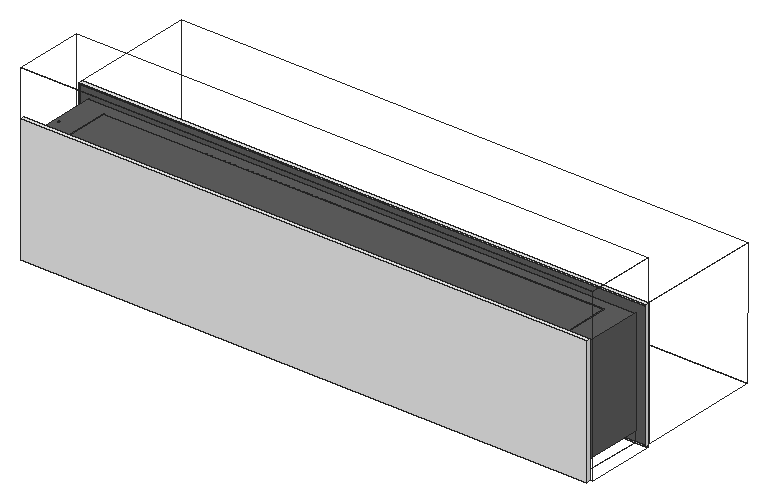
Revit family "AIRTECNICS_AIR CURTAIN_ZEN_AIR ONLY (A)123", category Mechanical Equipment, Revit 2016
Family settings
  Part Type = Normal
  Round Connector Dimension = Use Diameter
  OmniClass Number = 23.75.70.21.17
  OmniClass Title = Air Curtains
  Work Plane-Based = No
  Always vertical = Yes
  Cut with Voids When Loaded = No
  Shared = No
  Room Calculation Point = No
Parameters (values of type "ZEN ECG 2000 A")
  · POSITION · [instance] = "-/ Select Curtain Position /-"  # constant formula
  · OTHERS · [instance] = "-/ Select Supports - Inst.Maint. Space /-"  # constant formula
  · HEATING · [instance] = "-/ Select Heating /-"  # constant formula
  Weight [instance] = size_lookup(Name_Lookup_Data, "Weight", 1.00 kg, COD)  # 80.00 kg
  Voltage [instance] = 230 V  # constant formula
  Vertical Right [instance] = no
  Vertical Left [instance] = no
  URL_Manufacturer = "https://www.airtecnics.com/"
  URL_Datasheet = "https://www.airtecnics.com/download/file/1959/zen.pdf"
  Supports Length [instance] = 0.0 mm
  Supports (Horizontal) [instance] = if(and(Horizontal, Supports Length > 0.0 mm), 1 = 1, 1 = 0)  # no
  Revit Version = "Revit 2016 - English"  # constant formula
  Review Date = "10/2018"  # constant formula
  Remote Control = "IR-AIR"  # constant formula
  URL = "https://www.airtecnics.com/products/air-curtain-zen"
  Product Size = if(L = 1000.0 mm, "1000", if(L = 1500.0 mm, "1500", if(L = 2000.0 mm, "2000", "2500")))  # "2000"
  Product Reference [instance] = size_lookup(Name_Lookup_Ref, "", "Consult Manufacturer", COD)  # "ZEN ECG 2000 A"
  Product Heating [instance] = "Air"  # constant formula
  Product Description [instance] = size_lookup(Name_Lookup_Data, "", "", COD)  # "Self-supporting casing construction made of galvanized steel plate, finished in structural epoxy-polyester painting white colour RAL9016 as standard. Other colours or stainless steel are available on request. \r\nMicro-perforated inlet grille with filter functions and easy service. It does not need prefilter.\r\nAnodized aluminium outlet vanes, airfoil shaped, adjustable from 0 to 15º each side.\r\nDouble-inlet centrifugal fans driven by an external rotor motor and low noise level. 5-speed selector. EC models assembled with very low consumption efficiency fans. \r\n“A” type without heating, air only. \r\nIncludes Plug&Play control with 7m RJ45 cable and infrared remote control. Optional: Clever control (programmable, automatic, intelligent, energy saving, Modbus RTU for BMS…)\r\nAir Volume: 5400 m3/h \r\nFans:  0,45 kW  3,9 A 230Vx1 50Hz\r\nDimensions: 475x260x2000 mm (depth, height, length)"
  Power Fans Factor [instance] = (Power Fans) / (Voltage * Current Fans)  # 0.4979
  Power Fans [instance] = size_lookup(Name_Lookup_Data, "Power Fans", 1 kW, COD)  # 0.426 kW
  Noise Level (dB(A)) [instance] = size_lookup(Name_Lookup_Data, "Noise Level (dB(A))", 1, COD)  # 63
  Name_Lookup_Ref = "ZEN_(A)_Ref_Lookup"  # constant formula
  Name_Lookup_Data = "ZEN_(A)_Data_Lookup"  # constant formula
  Model = "Air Curtain ZEN A"  # constant formula
  Material Panels [instance] = AIRTECNICS_Alumium Anodized
  Material Grille = AIRTECNICS_Perforated_Black Forge
  Material Curtain [instance] = AIRTECNICS_Black Forge
  M = no
  Length = if(L = 1000.0 mm, 1220.0 mm, if(L = 1500.0 mm, 1620.0 mm, if(L = 2000.0 mm, 2120.0 mm, 2620.0 mm)))  # 2120.0 mm
  Height = 473.0 mm  # constant formula
  G = yes
  Frequency = 50 Hz  # constant formula
  Fans Stage = 5  # constant formula
  Family Version = "2.0"  # constant formula
  EC = yes
  Depth = 291.0 mm  # constant formula
  Current Fans [instance] = size_lookup(Name_Lookup_Data, "Current Fans", 1 A, COD)  # 3.72 A
  Created by = "BIMETRICAL"  # constant formula
  Control [instance] = "CA-5AW-IR"  # constant formula
  Cable = "CB7"  # constant formula
  COD [instance] = if(M, 1, 0) + if(and(G, not(EC)), 2, 0) + if(and(EC, G), 4, 0) + if(L = 1000.0 mm, 10, 0) + if(L = 1500.0 mm, 20, 0) + if(L = 2000.0 mm, 40, 0) + if(L = 2500.0 mm, 80, 0) + if(A, 100, 0)  # 144
  Aspiration/Maintenance Space [instance] = yes
  Apparent Load [instance] = size_lookup(Name_Lookup_Data, "Apparent Load", 1000 VA, COD)  # 852 VA
  Airflow [instance] = size_lookup(Name_Lookup_Data, "Airflow", 1 m³/h, COD)  # 5400 m³/h
  B [instance] = if(Horizontal, 236.5 mm, 0.0 mm)  # 236.5 mm
  L = 2000.0 mm
  Type Image = <None>
  IfcExportType = "CENTRIFUGALFORWARDCURVED"  # constant formula
  IfcExportAs = "IfcFanType"  # constant formula
  Horizontal [instance] = if(or(Vertical Left, Vertical Right), 1 = 0, 1 = 1)  # yes
  Manufacturer = "AIRTECNICS"  # constant formula
  Description = ""
  Type Comments = "Decorative air curtain in contemporary architectural style. Its minimalist and smart design integrates in any environment and offers infinite options to customize.\r\nThe panels can include logos, lighting, signage, safety or information signs, graphics, pictures, clocks, all according to customer specifications.\r\nFront anodized aluminium panels. Optionally manufactured in brushed or mirror polished stainless steel. Other materials are possible, such as galvanized steel, smooth or texturated skinplate, wood, etc.\r\nCentral structure made of galvanized steel finished in black forge as standard. Other colours are available on request.\r\nAnodized aluminium outlet vanes, airfoil shaped, adjustable in both directions.\r\nDouble-inlet centrifugal fans driven by an external rotor motor and low noise level. 5-speed selector. EC models assembled with very low consumption efficiency fans.\r\n“P” type with water heated coil. “E” type with electrical shielded elements, three stages with integrated regulation. “A” type without heating, air only. Optional expansion DX coil.\r\nIncludes Plug&Play control with 7m RJ45 cable and infrared remote control. Optional: Clever control (programmable, automatic, intelligent, energy saving, Modbus RTU for BMS…)"  # constant formula
  BIMETRICAL Category = "Fan"  # constant formula
  BIMETRICAL = "http://www.bimetrical.com"  # constant formula
  Angle [instance] = if(Horizontal, 0.00°, 90.00°)  # 0.00°
  A [instance] = 1 = 1  # yes
Types (12, lengths in mm): name | Weight | Product Size | Product Reference | Product Description | Power Fans Factor | Power Fans | Noise Level (dB(A)) | M | Length | G | EC | Current Fans | COD | Apparent Load | Airflow | L
  ZEN M 1000 A | 31.00 kg | "1000" | "ZEN M 1000 A" | "Self-supporting casing construction made of galvanized steel plate, finished in structural epoxy-polyester painting white colour RAL9016 as standard. Other colours or stainless steel are available on request. \r\nMicro-perforated inlet grille with filter functions and easy service. It does not need prefilter.\r\nAnodized aluminium outlet vanes, airfoil shaped, adjustable from 0 to 15º each side.\r\nDouble-inlet centrifugal fans driven by an external rotor motor and low noise level. 5-speed selector. \r\n“A” type without heating, air only. \r\nIncludes Plug&Play control with 7m RJ45 cable and infrared remote control. Optional: Clever control (programmable, automatic, intelligent, energy saving, Modbus RTU for BMS…)\r\nAir Volume: 1800 m3/h \r\nFans:  0,212 kW  0,94 A 230Vx1 50Hz\r\nDimensions: 475x260x1000 mm (depth, height, length)" | 0.98057 | 0.212 kW | 55 | yes | 1220.0 | no | no | 0.94 A | 111 | 216 VA | 1800 m³/h | 1000.0
  ZEN M 1500 A | 46.00 kg | "1500" | "ZEN M 1500 A" | "Self-supporting casing construction made of galvanized steel plate, finished in structural epoxy-polyester painting white colour RAL9016 as standard. Other colours or stainless steel are available on request. \r\nMicro-perforated inlet grille with filter functions and easy service. It does not need prefilter.\r\nAnodized aluminium outlet vanes, airfoil shaped, adjustable from 0 to 15º each side.\r\nDouble-inlet centrifugal fans driven by an external rotor motor and low noise level. 5-speed selector. \r\n“A” type without heating, air only. \r\nIncludes Plug&Play control with 7m RJ45 cable and infrared remote control. Optional: Clever control (programmable, automatic, intelligent, energy saving, Modbus RTU for BMS…)\r\nAir Volume: 2700 m3/h \r\nFans:  0,318 kW  1,41 A 230Vx1 50Hz\r\nDimensions: 475x260x1500 mm (depth, height, length)" | 0.98057 | 0.318 kW | 56 | yes | 1620.0 | no | no | 1.41 A | 121 | 324 VA | 2700 m³/h | 1500.0
  ZEN M 2000 A | 58.00 kg | "2000" | "ZEN M 2000 A" | "Self-supporting casing construction made of galvanized steel plate, finished in structural epoxy-polyester painting white colour RAL9016 as standard. Other colours or stainless steel are available on request. \r\nMicro-perforated inlet grille with filter functions and easy service. It does not need prefilter.\r\nAnodized aluminium outlet vanes, airfoil shaped, adjustable from 0 to 15º each side.\r\nDouble-inlet centrifugal fans driven by an external rotor motor and low noise level. 5-speed selector. \r\n“A” type without heating, air only. \r\nIncludes Plug&Play control with 7m RJ45 cable and infrared remote control. Optional: Clever control (programmable, automatic, intelligent, energy saving, Modbus RTU for BMS…)\r\nAir Volume: 3600 m3/h \r\nFans:  0,424 kW  1,88 A 230Vx1 50Hz\r\nDimensions: 475x260x2000 mm (depth, height, length)" | 0.98057 | 0.424 kW | 57 | yes | 2120.0 | no | no | 1.88 A | 141 | 433 VA | 3600 m³/h | 2000.0
  ZEN M 2500 A | 72.00 kg | "2500" | "ZEN M 2500 A" | "Self-supporting casing construction made of galvanized steel plate, finished in structural epoxy-polyester painting white colour RAL9016 as standard. Other colours or stainless steel are available on request. \r\nMicro-perforated inlet grille with filter functions and easy service. It does not need prefilter.\r\nAnodized aluminium outlet vanes, airfoil shaped, adjustable from 0 to 15º each side.\r\nDouble-inlet centrifugal fans driven by an external rotor motor and low noise level. 5-speed selector. \r\n“A” type without heating, air only. \r\nIncludes Plug&Play control with 7m RJ45 cable and infrared remote control. Optional: Clever control (programmable, automatic, intelligent, energy saving, Modbus RTU for BMS…)\r\nAir Volume: 4500 m3/h \r\nFans:  0,53 kW  2,35 A 230Vx1 50Hz\r\nDimensions: 475x260x2500 mm (depth, height, length)" | 0.98057 | 0.53 kW | 58 | yes | 2620.0 | no | no | 2.35 A | 181 | 541 VA | 4500 m³/h | 2500.0
  ZEN G 1000 A | 43.00 kg | "1000" | "ZEN G 1000 A" | "Self-supporting casing construction made of galvanized steel plate, finished in structural epoxy-polyester painting white colour RAL9016 as standard. Other colours or stainless steel are available on request. \r\nMicro-perforated inlet grille with filter functions and easy service. It does not need prefilter.\r\nAnodized aluminium outlet vanes, airfoil shaped, adjustable from 0 to 15º each side.\r\nDouble-inlet centrifugal fans driven by an external rotor motor and low noise level. 5-speed selector. \r\n“A” type without heating, air only. \r\nIncludes Plug&Play control with 7m RJ45 cable and infrared remote control. Optional: Clever control (programmable, automatic, intelligent, energy saving, Modbus RTU for BMS…)\r\nAir Volume: 2400 m3/h \r\nFans:  0,642 kW  2,85 A 230Vx1 50Hz\r\nDimensions: 475x260x1000 mm (depth, height, length)" | 0.97941 | 0.642 kW | 57 | no | 1220.0 | yes | no | 2.85 A | 112 | 655 VA | 2400 m³/h | 1000.0
  ZEN G 1500 A | 51.00 kg | "1500" | "ZEN G 1500 A" | "Self-supporting casing construction made of galvanized steel plate, finished in structural epoxy-polyester painting white colour RAL9016 as standard. Other colours or stainless steel are available on request. \r\nMicro-perforated inlet grille with filter functions and easy service. It does not need prefilter.\r\nAnodized aluminium outlet vanes, airfoil shaped, adjustable from 0 to 15º each side.\r\nDouble-inlet centrifugal fans driven by an external rotor motor and low noise level. 5-speed selector. \r\n“A” type without heating, air only. \r\nIncludes Plug&Play control with 7m RJ45 cable and infrared remote control. Optional: Clever control (programmable, automatic, intelligent, energy saving, Modbus RTU for BMS…)\r\nAir Volume: 3200 m3/h \r\nFans:  0,856 kW  3,8 A 230Vx1 50Hz\r\nDimensions: 475x260x1500 mm (depth, height, length)" | 0.97941 | 0.856 kW | 58 | no | 1620.0 | yes | no | 3.8 A | 122 | 873 VA | 3200 m³/h | 1500.0
  ZEN G 2000 A | 80.00 kg | "2000" | "ZEN G 2000 A" | "Self-supporting casing construction made of galvanized steel plate, finished in structural epoxy-polyester painting white colour RAL9016 as standard. Other colours or stainless steel are available on request. \r\nMicro-perforated inlet grille with filter functions and easy service. It does not need prefilter.\r\nAnodized aluminium outlet vanes, airfoil shaped, adjustable from 0 to 15º each side.\r\nDouble-inlet centrifugal fans driven by an external rotor motor and low noise level. 5-speed selector. \r\n“A” type without heating, air only. \r\nIncludes Plug&Play control with 7m RJ45 cable and infrared remote control. Optional: Clever control (programmable, automatic, intelligent, energy saving, Modbus RTU for BMS…)\r\nAir Volume: 4800 m3/h \r\nFans:  1,284 kW  5,7 A 230Vx1 50Hz\r\nDimensions: 475x260x2000 mm (depth, height, length)" | 0.97941 | 1.284 kW | 59 | no | 2120.0 | yes | no | 5.7 A | 142 | 1310 VA | 4800 m³/h | 2000.0
  ZEN G 2500 A | 84.00 kg | "2500" | "ZEN G 2500 A" | "Self-supporting casing construction made of galvanized steel plate, finished in structural epoxy-polyester painting white colour RAL9016 as standard. Other colours or stainless steel are available on request. \r\nMicro-perforated inlet grille with filter functions and easy service. It does not need prefilter.\r\nAnodized aluminium outlet vanes, airfoil shaped, adjustable from 0 to 15º each side.\r\nDouble-inlet centrifugal fans driven by an external rotor motor and low noise level. 5-speed selector. \r\n“A” type without heating, air only. \r\nIncludes Plug&Play control with 7m RJ45 cable and infrared remote control. Optional: Clever control (programmable, automatic, intelligent, energy saving, Modbus RTU for BMS…)\r\nAir Volume: 5600 m3/h \r\nFans:  1,498 kW  6,65 A 230Vx1 50Hz\r\nDimensions: 475x260x2500 mm (depth, height, length)" | 0.97941 | 1.498 kW | 60 | no | 2620.0 | yes | no | 6.65 A | 182 | 1529 VA | 5600 m³/h | 2500.0
  ZEN ECG 1000 A | 43.00 kg | "1000" | "ZEN ECG 1000 A" | "Self-supporting casing construction made of galvanized steel plate, finished in structural epoxy-polyester painting white colour RAL9016 as standard. Other colours or stainless steel are available on request. \r\nMicro-perforated inlet grille with filter functions and easy service. It does not need prefilter.\r\nAnodized aluminium outlet vanes, airfoil shaped, adjustable from 0 to 15º each side.\r\nDouble-inlet centrifugal fans driven by an external rotor motor and low noise level. 5-speed selector. EC models assembled with very low consumption efficiency fans. \r\n“A” type without heating, air only. \r\nIncludes Plug&Play control with 7m RJ45 cable and infrared remote control. Optional: Clever control (programmable, automatic, intelligent, energy saving, Modbus RTU for BMS…)\r\nAir Volume: 2700 m3/h \r\nFans:  0,225 kW  1,95 A 230Vx1 50Hz\r\nDimensions: 475x260x1000 mm (depth, height, length)" | 0.4979 | 0.213 kW | 61 | no | 1220.0 | yes | yes | 1.86 A | 114 | 426 VA | 2700 m³/h | 1000.0
  ZEN ECG 1500 A | 51.00 kg | "1500" | "ZEN ECG 1500 A" | "Self-supporting casing construction made of galvanized steel plate, finished in structural epoxy-polyester painting white colour RAL9016 as standard. Other colours or stainless steel are available on request. \r\nMicro-perforated inlet grille with filter functions and easy service. It does not need prefilter.\r\nAnodized aluminium outlet vanes, airfoil shaped, adjustable from 0 to 15º each side.\r\nDouble-inlet centrifugal fans driven by an external rotor motor and low noise level. 5-speed selector. EC models assembled with very low consumption efficiency fans. \r\n“A” type without heating, air only. \r\nIncludes Plug&Play control with 7m RJ45 cable and infrared remote control. Optional: Clever control (programmable, automatic, intelligent, energy saving, Modbus RTU for BMS…)\r\nAir Volume: 3600 m3/h \r\nFans:  0,3 kW  2,6 A 230Vx1 50Hz\r\nDimensions: 475x260x1500 mm (depth, height, length)" | 0.4979 | 0.284 kW | 62 | no | 1620.0 | yes | yes | 2.48 A | 124 | 568 VA | 3600 m³/h | 1500.0
  ZEN ECG 2000 A | 80.00 kg | "2000" | "ZEN ECG 2000 A" | "Self-supporting casing construction made of galvanized steel plate, finished in structural epoxy-polyester painting white colour RAL9016 as standard. Other colours or stainless steel are available on request. \r\nMicro-perforated inlet grille with filter functions and easy service. It does not need prefilter.\r\nAnodized aluminium outlet vanes, airfoil shaped, adjustable from 0 to 15º each side.\r\nDouble-inlet centrifugal fans driven by an external rotor motor and low noise level. 5-speed selector. EC models assembled with very low consumption efficiency fans. \r\n“A” type without heating, air only. \r\nIncludes Plug&Play control with 7m RJ45 cable and infrared remote control. Optional: Clever control (programmable, automatic, intelligent, energy saving, Modbus RTU for BMS…)\r\nAir Volume: 5400 m3/h \r\nFans:  0,45 kW  3,9 A 230Vx1 50Hz\r\nDimensions: 475x260x2000 mm (depth, height, length)" | 0.4979 | 0.426 kW | 63 | no | 2120.0 | yes | yes | 3.72 A | 144 | 852 VA | 5400 m³/h | 2000.0
  ZEN ECG 2500 A | 84.00 kg | "2500" | "ZEN ECG 2500 A" | "Self-supporting casing construction made of galvanized steel plate, finished in structural epoxy-polyester painting white colour RAL9016 as standard. Other colours or stainless steel are available on request. \r\nMicro-perforated inlet grille with filter functions and easy service. It does not need prefilter.\r\nAnodized aluminium outlet vanes, airfoil shaped, adjustable from 0 to 15º each side.\r\nDouble-inlet centrifugal fans driven by an external rotor motor and low noise level. 5-speed selector. EC models assembled with very low consumption efficiency fans. \r\n“A” type without heating, air only. \r\nIncludes Plug&Play control with 7m RJ45 cable and infrared remote control. Optional: Clever control (programmable, automatic, intelligent, energy saving, Modbus RTU for BMS…)\r\nAir Volume: 6300 m3/h \r\nFans:  0,525 kW  4,55 A 230Vx1 50Hz\r\nDimensions: 475x260x2500 mm (depth, height, length)" | 0.4979 | 0.497 kW | 64 | no | 2620.0 | yes | yes | 4.34 A | 184 | 994 VA | 6300 m³/h | 2500.0
Reference planes
  plane 1 "Centro (Frontal/Posterior)": z = 0
  plane 2: y = 246.57
  plane 3 "Centro (Izquierda/Derecha)": x = 0
  plane 4 "Susp": z = 236.5
Lines and regions (mm)
  reference lines
    curve 1: line (0, 246.57, 236.5) -> (-145, 246.57, 236.5)
Dimensions and locks
  "B": plane 4 "Susp" to plane 1 "Centro (Frontal/Posterior)"
  locked: plane 2 to nested 1 at 145.5
  "Angle": angle plane 4 "Susp" to curve 1
  aligned and locked: plane 3 "Centro (Izquierda/Derecha)" to curve 1
  aligned and locked: plane 4 "Susp" to curve 1
Nested families
  nested 1: "GEOM_ZEN_(A-E)" at (0, 246.57, 236.5) x (0, 0, -1) z (1, 0, 0), type "GEOM_ZEN_(A-E)"
    with Z 0.0 mm, Vertical Right no, Vertical Left yes, Vertical no, G 1022.0 mm, Horizontal yes
Connectors
  electrical at (-1007.5, 215.07, 433), driven by "Power Fans Factor", driven by "Voltage", driven by "Apparent Load"
    settings: on nested 1, index 1, voltage 230 V, apparent load 852 VA, apparent load phase1 0 VA, apparent load phase2 0 VA, apparent load phase3 0 VA, power factor 0.4979, load classification "HVAC", number of poles 1, system type 30, power factor state 1, is connector primary yes, connector utility no, sub classification motor no, connector description ""
Definition of nested family "GEOM_ZEN_(A-E)"
  Parameters (values of type "GEOM_ZEN_(A-E)")
    des.D = if(or(and(Vertical Right, V1), Horizontal), 361.0 mm, 0.0 mm)  # 361.0 mm
    des.C = if(or(and(Vertical Right, V1), Horizontal), 0.0 mm, 392.0 mm)  # 0.0 mm
    des.B = if(or(and(Vertical Right, V1), Horizontal), 0.0 mm, 298.3 mm)  # 0.0 mm
    Z = if(Horizontal, 0.0 mm, if(L = 1000.0 mm, E / 2 + 18.0 mm, E / 2 + 20.0 mm))  # 1080.0 mm
    Vsup1 = if(and(Vsup, Horizontal, L_Sup > 0.0 mm), 1 = 1, 1 = 0)  # no
    Vsup = no
    Vs2 = if(L > 2000.0 mm, 1 = 1, 1 = 0)  # no
    Vs1 = if(L > 1000.0 mm, 1 = 1, 1 = 0)  # yes
    Vinst2 = if(or(Vinst1, not([Installation/Maintenance Space])), 1 = 0, 1 = 1)  # no
    Vinst1 = if(and([Installation/Maintenance Space], V1), 1 = 1, 1 = 0)  # yes
    Vertical Right = yes
    Vertical Left = if(Vertical Right, 1 = 0, 1 = 1)  # no
    Vertical = if(and(not(Horizontal), or(Vertical Right, Vertical Left)), 1 = 1, 1 = 0)  # yes
    V2 = if(Horizontal, 1 = 0, if(or(Horizontal, Vertical Left), 1 = 1, 1 = 0))  # no
    V1 = if(Horizontal, 1 = 1, if(and(Vertical Right, Vertical), 1 = 1, 1 = 0))  # yes
    Revit Version = "Revit 2016 - English"  # constant formula
    Review Date = "10/18"  # constant formula
    O = if(L = 1000.0 mm, 54.5 mm, 52.5 mm)  # 52.5 mm
    Model = "ZEN"  # constant formula
    Material Perforated = none
    Material Panels = none
    Material Curtain = none
    Family Version = "2.0"  # constant formula
    Manufacturer = "AIRTECNICS"  # constant formula
    M = if(L = 1000.0 mm, L + 162.5 mm, L + 66.5 mm)  # 2066.5 mm
    L_Sup = 0.0 mm
    K = if(L = 2500.0 mm, 833.0 mm, 0.0 mm)  # 0.0 mm
    J = if(L = 1500.0 mm, 764.0 mm, if(L = 2000.0 mm, 1014.0 mm, if(L = 2500.0 mm, 847.0 mm, 573.5 mm)))  # 1014.0 mm
    Installation/Maintenance Space = yes
    H = des.A + 51.0 mm  # 428.5 mm
    G = if(Vertical, I + 58.0 mm, F / 2 + 27.0 mm)  # 2102.0 mm
    L = 2000.0 mm
    des.A = if(or(and(Vertical Right, V1), Horizontal), 377.5 mm, 0.0 mm)  # 377.5 mm
    I = if(L = 1000.0 mm, L + 140.0 mm, L + 44.0 mm)  # 2044.0 mm
    Horizontal = no
    F = I - 54.0 mm  # 1990.0 mm
    E = if(L = 1000.0 mm, L + 220.0 mm, L + 120.0 mm)  # 2120.0 mm
    Default Elevation = 0.0 mm
    Created by = "BIMETRICAL"  # constant formula
    BIMETRICAL = "http://www.bimetrical.com/"  # constant formula
    A.Conn_S = if(or(and(Vertical Right, V1), Horizontal), 180.00°, 0.00°)  # 180.00°
    A.Conn_E = if(or(and(Vertical Right, V1), Horizontal), 180.00°, 0.00°)  # 180.00°
    A = if(L = 1000.0 mm, L + 115.0 mm, L + 15.0 mm)  # 2015.0 mm
  Reference planes
    plane 1 "Centro (Frontal/Posterior)": y = 0
    plane 2: z = 0
    plane 3 "Centro (Izquierda/Derecha)": x = 0
    plane 4: z = 1080
    plane 5: y = -73.25
    plane 6: x = -196.5
    plane 7: z = 2102
    plane 8: x = -196.5
    plane 9: y = -129.5
    plane 10: x = 181
    plane 11: x = 196.495
    plane 12: z = 2639.027
    plane 13: z = 20
    plane 14: z = 2139
    plane 15: z = 1088
    plane 16: z = 1088
    plane 17: z = 72.5
    plane 18: y = -31.5
  Forms (mm)
    Extrusion 1, solid, detail levels medium+fine
      sketch origin (0, 0, 0) x (1, 0, 0) y (0, 1, 0)
        loop
          line (-1219.2, 1219.2) -> (-1219.2, -1219.2) -> (1219.2, -1219.2) -> (1219.2, 1219.2) -> (-1219.2, 1219.2)
      from 0 to -304.8
    Extrusion 2, solid, material <- "Material Panels"
      sketch origin (0, 0, 889.252) x (0, -1, 0) y (1, 0, 0)
        loop
          line (-145.5, 236.5) -> (-145.5, -236.5) -> (-129.5, -236.5) -> (-129.5, 236.5) -> (-145.5, 236.5)
        loop
          line (145.5, 236.5) -> (129.5, 236.5) -> (129.5, -236.5) -> (145.5, -236.5) -> (145.5, 236.5)
      from -869.252 to 1250.748
    Extrusion 3, solid, material <- "Material Curtain"
      sketch origin (0, 0, 889.252) x (0, -1, 0) y (0, 0, 1)
        loop
          line (-129.5, 1212.748) -> (-129.5, -831.252) -> (129.5, -831.252) -> (129.5, 1212.748) -> (-129.5, 1212.748)
      from -196.5 to 196.5
    Extrusion 4, void
      sketch origin (-64.7, -73.5, 0) x (1, 0, 0) y (0, 1, 0)
        loop
          line (261.195, -34.75) -> (261.195, 35.25) -> (245.7, 35.25) -> (245.7, -34.75) -> (261.195, -34.75)
      from 85 to 2075
    Extrusion 5, solid, visible <- "V1", detail levels medium+fine
      sketch origin (0, 0, 1310) x (0, -1, 0) y (-1, 0, 0)
        loop
          line (58.464, -173.27) -> (61.756, -192)
          arc (61.756, -192) -> (63.451, -193.452) -> (65.121, -191.97) r 1.698
          line (65.121, -191.97) -> (68.095, -172.627)
          arc (68.095, -172.627) -> (62.951, -168.018) -> (58.464, -173.27) r 4.828
        loop
          line (78.553, -172.822) -> (81.504, -192.726)
          arc (81.504, -192.726) -> (83.138, -193.439) -> (84.08, -191.926) r 1.363
          line (84.08, -191.926) -> (87.529, -172.626)
          arc (87.529, -172.626) -> (82.938, -168.001) -> (78.553, -172.822) r 4.495
      from -765 to 1225
    Extrusion 6, solid, visible <- "V2", detail levels medium+fine
      sketch origin (0, 0, 1310) x (0, 1, 0) y (1, 0, 0)
        loop
          arc (-58.774, -173.603) -> (-62.891, -168.686) -> (-67.734, -172.889) r 4.495
          line (-67.734, -172.889) -> (-64.759, -192.231)
          arc (-64.759, -192.231) -> (-63.451, -193.452) -> (-62.062, -192.325) r 1.363
          line (-62.062, -192.325) -> (-58.774, -173.603)
        loop
          arc (-78.864, -173.494) -> (-83.098, -168.679) -> (-87.838, -172.998) r 4.495
          line (-87.838, -172.998) -> (-84.395, -192.262)
          arc (-84.395, -192.262) -> (-83.058, -193.451) -> (-81.696, -192.291) r 1.363
          line (-81.696, -192.291) -> (-78.864, -173.494)
      from -765 to 1225
    Extrusion 7, solid, material <- "Material Curtain", visible <- "Vertical"
      sketch origin (-779.074, -4572, 1549) x (-1, 0, 0) y (0, -1, 0)
        loop
          line (-586.574, -4698.5) -> (-586.574, -4445.5) -> (-971.574, -4445.5) -> (-971.574, -4698.5) -> (-586.574, -4698.5)
      from -1491 to -1549
    Extrusion 8, void
      sketch origin (0, 0, 0) x (1, 0, 0) y (0, 1, 0)
        loop
          line (-235.5, -129.5) -> (-235.5, -130.5) -> (235.5, -130.5) -> (235.5, -129.5) -> (-235.5, -129.5)
        loop
          line (-235.5, 129.5) -> (235.5, 129.5) -> (235.5, 130.5) -> (-235.5, 130.5) -> (-235.5, 129.5)
      from 21.021 to 2138.959
    Extrusion 9, void
      sketch origin (0, -0.321, 0) x (0, 1, 0) y (0, 0, 1)
        loop
          line (-102.318, 2014.4) -> (-102.318, 145.6) -> (90.521, 145.6) -> (90.521, 2014.4) -> (-102.318, 2014.4)
      from -101.8 to -196.5
    Extrusion 10, solid, material <- "Material Perforated"
      sketch origin (-60, 0, 0) x (0, 1, 0) y (0, 0, 1)
        loop
          line (-102.639, 2014.4) -> (-102.639, 145.6) -> (90.2, 145.6) -> (90.2, 2014.4) -> (-102.639, 2014.4)
      from -136.5 to -135.5
    Extrusion 11, solid, detail levels medium+fine
      sketch origin (-64.7, -73.5, 2075) x (0, 1, 0) y (1, 0, 0)
        loop
          line (16.25, 261.2) -> (-15.75, 261.2) -> (-15.75, 229.2) -> (16.25, 229.2) -> (16.25, 261.2)
      from 0 to 3
    Extrusion 12, solid, detail levels medium+fine
      sketch origin (-64.7, -73.5, 85) x (1, 0, 0) y (0, 1, 0)
        loop
          line (229.2, 16.25) -> (229.2, -15.75) -> (261.2, -15.75) -> (261.2, 16.25) -> (229.2, 16.25)
      from 0 to 3
    Extrusion 13, solid, visible <- "Vs1", detail levels medium+fine
      sketch origin (0, -702.852, 1088) x (0, -1, 0) y (1, 0, 0)
        loop
          line (-645.602, 164.5) -> (-613.602, 164.5) -> (-613.602, 196.5) -> (-645.602, 196.5) -> (-645.602, 164.5)
      from 0 to -3
    Extrusion 14, solid, material <- "Material Curtain", visible <- "Vs1", detail levels medium+fine
      sketch origin (0, -702.852, 1085) x (1, 0, 0) y (0, -1, 0)
        loop
          line (196.5, -664.602) -> (196.5, -594.602) -> (164.5, -594.602) -> (164.5, -664.602) -> (196.5, -664.602)
      from 0 to 10
    Extrusion 15, solid, visible <- "Vs1", detail levels medium+fine
      sketch origin (0, -702.852, 1075) x (0, 1, 0) y (1, 0, 0)
        loop
          line (645.602, 164.5) -> (645.602, 196.5) -> (613.602, 196.5) -> (613.602, 164.5) -> (645.602, 164.5)
      from 0 to 3
    Extrusion 16, solid, visible <- "Vs2", detail levels medium+fine
      sketch origin (0, -702.852, 1088) x (0, -1, 0) y (1, 0, 0)
        loop
          line (-645.602, 164.5) -> (-613.602, 164.5) -> (-613.602, 196.5) -> (-645.602, 196.5) -> (-645.602, 164.5)
      from 0 to -3
    Extrusion 17, solid, material <- "Material Curtain", visible <- "Vs2", detail levels medium+fine
      sketch origin (0, -702.852, 1085) x (1, 0, 0) y (0, -1, 0)
        loop
          line (164.5, -664.602) -> (196.5, -664.602) -> (196.5, -594.602) -> (164.5, -594.602) -> (164.5, -664.602)
      from 0 to 10
    Extrusion 18, solid, visible <- "Vs2", detail levels medium+fine
      sketch origin (0, -702.852, 1075) x (0, 1, 0) y (1, 0, 0)
        loop
          line (645.602, 164.5) -> (645.602, 196.5) -> (613.602, 196.5) -> (613.602, 164.5) -> (645.602, 164.5)
      from 0 to 3
    Extrusion 19, solid, material <- "Material Curtain"
      sketch origin (-196.5, -31.5, 72.5) x (0, 0, 1) y (0, 1, 0)
        loop
          line (2.5, -2.5) -> (2.5, 2.5) -> (-2.5, 2.5) -> (-2.5, -2.5) -> (2.5, -2.5)
      from 0 to -1
    Extrusion 20, solid, visible <- "Vsup1"
      sketch origin (-196.5, -101, 553.5) x (0, 0, 1) y (0, 1, 0)
        loop
          circle (1534, 202) r 4
        loop
          circle (1534, 0) r 4
        loop
          circle (-481, 0) r 4
        loop
          circle (-481, 202) r 4
      from -1 to 0
    Extrusion 21, solid, visible <- "Vinst2"
      sketch origin (0, -31.5, 92.379) x (0, 0, 1) y (1, 0, 0)
        loop
          line (2009.621, -236.5) -> (2057.621, -236.5) -> (2057.621, 398.063) -> (-82.379, 398.063) -> (-82.379, -236.5) -> (-34.379, -236.5) -> (-34.379, 196.5) -> (2009.621, 196.5) -> (2009.621, -236.5)
      from -98 to 161
    Extrusion 22, solid, visible <- "Vinst1"
      sketch origin (0, -31.5, 92.379) x (0, 0, 1) y (1, 0, 0)
        loop
          line (2009.621, 236.5) -> (2009.621, -196.5) -> (-34.379, -196.5) -> (-34.379, 236.5) -> (-82.379, 236.5) -> (-82.379, -398.063) -> (2057.621, -398.063) -> (2057.621, 236.5) -> (2009.621, 236.5)
      from -98 to 161
    Extrusion 23, solid, visible <- "Installation/Maintenance Space"
      sketch origin (0, -97, 553.5) x (1, 0, 0) y (0, -1, 0)
        loop
          line (-236.5, -226.5) -> (-236.5, -706.5) -> (236.5, -706.5) -> (236.5, -226.5) -> (-236.5, -226.5)
      from -1586.5 to 533.5
    Extrusion 24, solid, material <- "Material Curtain"
      sketch origin (0, 0, 2138.959) x (0, 1, 0) y (1, 0, 0)
        loop
          line (130.5, 235.5) -> (129.5, 235.5) -> (129.5, -235.5) -> (130.5, -235.5) -> (130.5, 235.5)
        loop
          line (-129.5, 235.5) -> (-130.5, 235.5) -> (-130.5, -235.5) -> (-129.5, -235.5) -> (-129.5, 235.5)
      from 0 to 2117.939
  Cuts and joins
    Extrusion 4, Extrusion 8 cuts Extrusion 2
    Extrusion 4, Extrusion 9 cuts Extrusion 3
  Lines and regions (mm)
    reference lines
      curve 1: line (-196.5, -31.5, 72.5) -> (0, -31.5, 72.5)
      curve 2: line (-196.5, -101, 553.5) -> (0, -101, 553.5)
    symbolic lines
      curve 3: line (-236.5, 145.5, 553.5) -> (236.5, 145.5, 553.5)
      curve 4: line (-236.5, 129.5, 553.5) -> (-236.5, 145.5, 553.5)
      curve 5: line (236.5, 129.5, 553.5) -> (-236.5, 129.5, 553.5)
      curve 6: line (236.5, 145.5, 553.5) -> (236.5, 129.5, 553.5)
      curve 7: line (-196.5, 129.5, 553.5) -> (196.5, 129.5, 553.5)
      curve 8: line (-196.5, -129.5, 553.5) -> (-196.5, 129.5, 553.5)
      curve 9: line (196.5, -129.5, 553.5) -> (-196.5, -129.5, 553.5)
      curve 10: line (196.5, 129.5, 553.5) -> (196.5, -129.5, 553.5)
      curve 11: line (-236.5, -145.5, 553.5) -> (236.5, -145.5, 553.5)
      curve 12: line (-236.5, -129.5, 553.5) -> (-236.5, -145.5, 553.5)
      curve 13: line (236.5, -129.5, 553.5) -> (-236.5, -129.5, 553.5)
      curve 14: line (236.5, -145.5, 553.5) -> (236.5, -129.5, 553.5)
      curve 15: line (0, 145.5, 2140) -> (0, 129.5, 2140)
      curve 16: line (0, 145.5, 20) -> (0, 145.5, 2140)
      curve 17: line (0, 129.5, 20) -> (0, 145.5, 20)
      curve 18: line (0, 129.5, 2140) -> (0, 129.5, 20)
      curve 19: line (0, -145.5, 2140) -> (0, -129.5, 2140)
      curve 20: line (0, -145.5, 20) -> (0, -145.5, 2140)
      curve 21: line (0, -129.5, 20) -> (0, -145.5, 20)
      curve 22: line (0, -129.5, 2140) -> (0, -129.5, 20)
      curve 23: line (0, -129.5, 2102) -> (0, 129.5, 2102)
      curve 24: line (0, -129.5, 58) -> (0, -129.5, 2102)
      curve 25: line (0, 129.5, 58) -> (0, -129.5, 58)
      curve 26: line (0, 129.5, 2102) -> (0, 129.5, 58)
      curve 69: line (0, -58.444, 2075) -> (0, -68.095, 2075)
      curve 70: line (0, -58.444, 85) -> (0, -58.444, 2075)
      curve 71: line (0, -68.095, 85) -> (0, -58.444, 85)
      curve 72: line (0, -68.095, 2075) -> (0, -68.095, 85)
      curve 73: line (0, -87.838, 85) -> (0, -78.541, 85)
      curve 74: line (0, -87.838, 2075) -> (0, -87.838, 85)
      curve 75: line (0, -78.541, 2075) -> (0, -87.838, 2075)
      curve 76: line (0, -78.541, 85) -> (0, -78.541, 2075)
    symbolic lines, visible <- "Vertical"
      curve 27: line (0, 126.5, 0) -> (0, -126.5, 0)
      curve 28: line (0, 126.5, 58) -> (0, 126.5, 0)
      curve 29: line (0, -126.5, 58) -> (0, 126.5, 58)
      curve 30: line (0, -126.5, 0) -> (0, -126.5, 58)
    symbolic lines, visible <- "Vinst2"
      curve 31: line (-236.5, -31.5, 2150) -> (398.063, -31.5, 2150)
      curve 32: line (398.063, -31.5, 2150) -> (398.063, -31.5, 10)
      curve 33: line (398.063, -31.5, 10) -> (-236.5, -31.5, 10)
      curve 41: line (196.5, 129.5, 553.5) -> (398.063, 129.5, 553.5)
      curve 42: line (196.5, -129.5, 553.5) -> (196.5, 129.5, 553.5)
      curve 43: line (398.063, -129.5, 553.5) -> (196.5, -129.5, 553.5)
      curve 44: line (398.063, 129.5, 553.5) -> (398.063, -129.5, 553.5)
      curve 77: line (-236.5, -31.5, 2150) -> (-236.5, -31.5, 2140)
      curve 84: line (-236.5, -31.5, 10) -> (-236.5, -31.5, 20)
    symbolic lines, visible <- "Vinst1"
      curve 34: line (236.5, -31.5, 2150) -> (-398.063, -31.5, 2150)
      curve 35: line (-398.063, -31.5, 2150) -> (-398.063, -31.5, 10)
      curve 36: line (-398.063, -31.5, 10) -> (236.5, -31.5, 10)
      curve 45: line (-196.5, 129.5, 553.5) -> (-398.063, 129.5, 553.5)
      curve 46: line (-196.5, -129.5, 553.5) -> (-196.5, 129.5, 553.5)
      curve 47: line (-398.063, -129.5, 553.5) -> (-196.5, -129.5, 553.5)
      curve 48: line (-398.063, 129.5, 553.5) -> (-398.063, -129.5, 553.5)
      curve 78: line (236.5, -31.5, 2150) -> (236.5, -31.5, 2140)
      curve 83: line (236.5, -31.5, 10) -> (236.5, -31.5, 20)
    symbolic lines, visible <- "Installation/Maintenance Space"
      curve 37: line (-236.5, 609.5, 553.5) -> (236.5, 609.5, 553.5)
      curve 38: line (-236.5, 129.5, 553.5) -> (-236.5, 609.5, 553.5)
      curve 39: line (236.5, 129.5, 553.5) -> (-236.5, 129.5, 553.5)
      curve 40: line (236.5, 609.5, 553.5) -> (236.5, 129.5, 553.5)
      curve 49: line (0, 129.5, 2140) -> (0, 609.5, 2140)
      curve 50: line (0, 129.5, 20) -> (0, 129.5, 2140)
      curve 51: line (0, 609.5, 20) -> (0, 129.5, 20)
      curve 52: line (0, 609.5, 2140) -> (0, 609.5, 20)
    symbolic lines, visible <- "V2"
      curve 53: arc (-173.603, -58.774, 553.5) -> (-168.686, -62.891, 553.5) -> (-172.889, -67.734, 553.5) r 4.495
      curve 54: arc (-192.231, -64.759, 553.5) -> (-193.452, -63.451, 553.5) -> (-192.325, -62.062, 553.5) r 1.363
      curve 55: arc (-173.494, -78.864, 553.5) -> (-168.679, -83.098, 553.5) -> (-172.998, -87.838, 553.5) r 4.495
      curve 56: arc (-192.262, -84.395, 553.5) -> (-193.451, -83.058, 553.5) -> (-192.291, -81.696, 553.5) r 1.363
      curve 57: line (-172.889, -67.734, 553.5) -> (-192.231, -64.759, 553.5)
      curve 58: line (-192.325, -62.062, 553.5) -> (-173.603, -58.774, 553.5)
      curve 59: line (-172.998, -87.838, 553.5) -> (-192.262, -84.395, 553.5)
      curve 60: line (-192.291, -81.696, 553.5) -> (-173.494, -78.864, 553.5)
    symbolic lines, visible <- "V1"
      curve 61: arc (173.27, -58.464, 553.5) -> (168.018, -62.951, 553.5) -> (172.627, -68.095, 553.5) r 4.828
      curve 62: arc (191.97, -65.121, 553.5) -> (193.452, -63.451, 553.5) -> (192, -61.756, 553.5) r 1.698
      curve 63: arc (172.822, -78.553, 553.5) -> (168.001, -82.938, 553.5) -> (172.626, -87.529, 553.5) r 4.495
      curve 64: arc (191.926, -84.08, 553.5) -> (193.439, -83.138, 553.5) -> (192.726, -81.504, 553.5) r 1.363
      curve 65: line (172.627, -68.095, 553.5) -> (191.97, -65.121, 553.5)
      curve 66: line (192, -61.756, 553.5) -> (173.27, -58.464, 553.5)
      curve 67: line (172.626, -87.529, 553.5) -> (191.926, -84.08, 553.5)
      curve 68: line (192.726, -81.504, 553.5) -> (172.822, -78.553, 553.5)
    symbolic lines, visible <- "Vsup1"
      curve 79: circle (0, 101, 2087.5) r 4 normal (1, 0, 0)
      curve 80: circle (0, -101, 2087.5) r 4 normal (1, 0, 0)
      curve 81: circle (0, -101, 72.5) r 4 normal (1, 0, 0)
      curve 82: circle (0, 101, 72.5) r 4 normal (1, 0, 0)
  Dimensions and locks
    Extrusion 2 sketch curve to Extrusion 2 sketch curve = 473.0 mm  (x2)
    Extrusion 3 sketch curve to Extrusion 3 sketch curve = 2044.0 mm
    locked: Extrusion 3 to Extrusion 3 at 393
    "E": Extrusion 2 to Extrusion 2
    equal spacing: Extrusion 2, plane 4, Extrusion 2
    equal spacing: Extrusion 3, plane 4, Extrusion 3
    "I": Extrusion 3 to Extrusion 3
    locked: Extrusion 2 to Extrusion 2 at 473
    locked: Extrusion 2 to Extrusion 2 at 16  (x2)
    locked: Extrusion 2 to Extrusion 2 at 291
    "Z": plane 4 to level
    equal spacing: Extrusion 2, plane 3 "Centro (Izquierda/Derecha)", Extrusion 2
    equal spacing: Extrusion 3, plane 3 "Centro (Izquierda/Derecha)", Extrusion 3
    equal spacing: Extrusion 2, plane 1 "Centro (Frontal/Posterior)", Extrusion 2
    locked: plane 1 "Centro (Frontal/Posterior)" to plane 5 at 73.25
    equal spacing: Extrusion 6, plane 4, Extrusion 6
    "F": Extrusion 6 to Extrusion 6
    locked: plane 3 "Centro (Izquierda/Derecha)" to plane 8 at 196.5
    locked: plane 1 "Centro (Frontal/Posterior)" to plane 9 at 129.5
    "G": plane 7 to level
    locked: plane 10 to plane 11 at 15.495
    locked: Extrusion 4 sketch curve to Extrusion 4 sketch curve at 70
    equal spacing: Extrusion 4 sketch curve, plane 5, Extrusion 4 sketch curve
    locked: Extrusion 7 to Extrusion 7 at 58
    locked: plane 8 to Extrusion 5 sketch curve at 364.507
    locked: plane 8 to Extrusion 5 sketch curve at 364.5
    locked: plane 8 to Extrusion 5 sketch curve at 389.952
    locked: plane 8 to Extrusion 5 sketch curve at 390
    locked: cut or joined group of Extrusion 2, Extrusion 4, Extrusion 8 to Extrusion 8 sketch curve at 1
    locked: Extrusion 8 sketch curve to cut or joined group of Extrusion 2, Extrusion 4, Extrusion 8 at 1
    plane 12 to cut or joined group of Extrusion 2, Extrusion 4, Extrusion 8 = 499.027 mm
    equal spacing: Extrusion 7, plane 1 "Centro (Frontal/Posterior)", Extrusion 7
    locked: Extrusion 7 to Extrusion 7 at 253
    equal spacing: Extrusion 7, plane 3 "Centro (Izquierda/Derecha)", Extrusion 7
    locked: Extrusion 7 to Extrusion 7 at 385
    locked: plane 8 to Extrusion 6 sketch curve at 3.049
    locked: plane 8 to Extrusion 6 sketch curve at 3.048
    locked: plane 8 to Extrusion 6 sketch curve at 27.828  (x2)
    locked: Extrusion 9 sketch curve to plane 7 at 87.6
    locked: Extrusion 9 sketch curve to cut or joined group of Extrusion 3, Extrusion 4, Extrusion 9 at 87.6
    locked: Extrusion 9 to Extrusion 9 at 94.7
    "des.B": plane 8 to Extrusion 9
    locked: Extrusion 10 to Extrusion 10 at 1
    "des.C": plane 8 to Extrusion 10
    locked: plane 7 to plane 14 at 37
    locked: cut or joined group of Extrusion 3, Extrusion 4, Extrusion 9 to plane 1 "Centro (Frontal/Posterior)" at 90.2
    locked: cut or joined group of Extrusion 3, Extrusion 4, Extrusion 9 to plane 1 "Centro (Frontal/Posterior)" at 102.639
    locked: Extrusion 11 sketch curve to Extrusion 11 sketch curve at 32  (x2)
    locked: Extrusion 11 sketch curve to plane 5 at 16
    locked: Extrusion 11 to cut or joined group of Extrusion 3, Extrusion 4, Extrusion 9 at 3
    locked: Extrusion 12 sketch curve to Extrusion 12 sketch curve at 32  (x2)
    locked: plane 5 to Extrusion 12 sketch curve at 16
    locked: cut or joined group of Extrusion 3, Extrusion 4, Extrusion 9 to Extrusion 12 at 3
    "des.D": cut or joined group of Extrusion 3, Extrusion 4, Extrusion 9 to Extrusion 11 sketch curve
    "des.D": plane 8 to Extrusion 12 sketch curve
    plane 7 to plane 4 to cut or joined group of Extrusion 3, Extrusion 4, Extrusion 9 = 1022.0 mm, 1022.0 mm
    "J": plane 7 to plane 15
    locked: Extrusion 13 sketch curve to Extrusion 13 sketch curve at 32  (x2)
    locked: plane 5 to Extrusion 13 sketch curve at 16
    locked: Extrusion 13 to plane 15 at 3
    "des.D": plane 8 to Extrusion 13 sketch curve
    locked: Extrusion 14 sketch curve to Extrusion 14 sketch curve at 32
    locked: Extrusion 14 sketch curve to plane 5 at 35
    locked: Extrusion 14 sketch curve to Extrusion 14 sketch curve at 70
    locked: Extrusion 14 to Extrusion 14 at 10
    locked: Extrusion 15 sketch curve to Extrusion 15 sketch curve at 32  (x2)
    locked: Extrusion 15 sketch curve to plane 5 at 16
    locked: Extrusion 15 to Extrusion 14 at 3
    locked: Extrusion 16 sketch curve to Extrusion 16 sketch curve at 32  (x2)
    locked: plane 5 to Extrusion 16 sketch curve at 16
    "des.D": plane 8 to Extrusion 16 sketch curve
    locked: Extrusion 16 to plane 16 at 3
    locked: Extrusion 17 sketch curve to Extrusion 17 sketch curve at 32
    locked: plane 5 to Extrusion 17 sketch curve at 35
    locked: Extrusion 17 sketch curve to Extrusion 17 sketch curve at 70
    locked: Extrusion 17 to Extrusion 17 at 10
    locked: Extrusion 18 to Extrusion 18 at 3
    "K": plane 15 to plane 16
    locked: plane 18 to cut or joined group of Extrusion 2, Extrusion 4, Extrusion 8 at 177
    locked: curve 1 to curve 1 at 196.5
    "M": plane 17 to plane 14
    "L_Sup": Extrusion 20 to cut or joined group of Extrusion 3, Extrusion 4, Extrusion 9
    cut or joined group of Extrusion 2, Extrusion 4, Extrusion 8 to Extrusion 20 sketch curve = 44.5 mm
    locked: Extrusion 20 sketch curve to cut or joined group of Extrusion 2, Extrusion 4, Extrusion 8 at 44.5  (x2)
    locked: cut or joined group of Extrusion 2, Extrusion 4, Extrusion 8 to Extrusion 20 sketch curve at 44.5
    locked: Extrusion 21 to plane 9 at 259
    locked: Extrusion 21 sketch curve to Extrusion 21 sketch curve at 48  (x2)
    locked: Extrusion 21 sketch curve to Extrusion 21 sketch curve at 634.563  (x2)
    locked: Extrusion 21 sketch curve to Extrusion 21 sketch curve at 201.563
    locked: Extrusion 22 sketch curve to Extrusion 22 sketch curve at 48  (x2)
    locked: Extrusion 22 sketch curve to Extrusion 22 sketch curve at 634.563  (x2)
    locked: Extrusion 22 sketch curve to Extrusion 22 sketch curve at 201.563
    locked: Extrusion 23 sketch curve to Extrusion 23 sketch curve at 480
    locked: plane 1 "Centro (Frontal/Posterior)" to Extrusion 23 sketch curve at 129.5
    "des.A": plane 8 to plane 10
    locked: curve 77 to curve 77 at 10
    locked: curve 78 to curve 78 at 10
    "O": cut or joined group of Extrusion 2, Extrusion 4, Extrusion 8 to Extrusion 20 sketch curve  (x4)
    locked: cut or joined group of Extrusion 2, Extrusion 4, Extrusion 8 to cut or joined group of Extrusion 2, Extrusion 4, Extrusion 8 at 1.041
    locked: cut or joined group of Extrusion 2, Extrusion 4, Extrusion 8 to cut or joined group of Extrusion 2, Extrusion 4, Extrusion 8 at 1.021
    "A.Conn_E": angle curve 1 to plane 18
    aligned and locked: plane 2 to Extrusion 1
    aligned and locked: level to Extrusion 1
    aligned and locked: Extrusion 3 to Extrusion 2  (x2)
    aligned and locked: Extrusion 2 to Extrusion 2  (x2)
    aligned and locked: plane 11 to Extrusion 4 sketch curve  (x2)
    aligned and locked: cut or joined group of Extrusion 3, Extrusion 4, Extrusion 9 to Extrusion 6
    aligned and locked: cut or joined group of Extrusion 3, Extrusion 4, Extrusion 9 to Extrusion 5
    aligned and locked: Extrusion 6 to cut or joined group of Extrusion 3, Extrusion 4, Extrusion 9
    aligned and locked: Extrusion 5 to cut or joined group of Extrusion 3, Extrusion 4, Extrusion 9
    aligned and locked: cut or joined group of Extrusion 3, Extrusion 4, Extrusion 9 to Extrusion 10  (x3)
    aligned and locked: Extrusion 10 to cut or joined group of Extrusion 3, Extrusion 4, Extrusion 9
    aligned and locked: Extrusion 18 sketch curve to Extrusion 12  (x4)
    aligned and locked: plane 3 "Centro (Izquierda/Derecha)" to curve 1
    aligned and locked: plane 18 to curve 1
    aligned and locked: plane 3 "Centro (Izquierda/Derecha)" to curve 2
    aligned and locked: curve 3 to cut or joined group of Extrusion 2, Extrusion 4, Extrusion 8
    aligned and locked: curve 5 to cut or joined group of Extrusion 2, Extrusion 4, Extrusion 8
    aligned and locked: curve 6 to cut or joined group of Extrusion 2, Extrusion 4, Extrusion 8
    aligned and locked: curve 7 to curve 5
    aligned and locked: curve 8 to cut or joined group of Extrusion 3, Extrusion 4, Extrusion 9
    aligned and locked: curve 9 to cut or joined group of Extrusion 3, Extrusion 4, Extrusion 9
    aligned and locked: curve 10 to cut or joined group of Extrusion 3, Extrusion 4, Extrusion 9
    aligned and locked: curve 11 to cut or joined group of Extrusion 2, Extrusion 4, Extrusion 8
    aligned and locked: curve 12 to cut or joined group of Extrusion 2, Extrusion 4, Extrusion 8
    aligned and locked: curve 13 to cut or joined group of Extrusion 2, Extrusion 4, Extrusion 8
    aligned and locked: curve 14 to cut or joined group of Extrusion 2, Extrusion 4, Extrusion 8
    aligned and locked: curve 15 to cut or joined group of Extrusion 2, Extrusion 4, Extrusion 8
    aligned and locked: curve 16 to cut or joined group of Extrusion 2, Extrusion 4, Extrusion 8
    aligned and locked: cut or joined group of Extrusion 2, Extrusion 4, Extrusion 8 to curve 17
    aligned and locked: curve 18 to cut or joined group of Extrusion 2, Extrusion 4, Extrusion 8
    aligned and locked: curve 19 to cut or joined group of Extrusion 2, Extrusion 4, Extrusion 8
    aligned and locked: curve 20 to cut or joined group of Extrusion 2, Extrusion 4, Extrusion 8
    aligned and locked: curve 21 to cut or joined group of Extrusion 2, Extrusion 4, Extrusion 8
    aligned and locked: curve 22 to cut or joined group of Extrusion 2, Extrusion 4, Extrusion 8
    aligned and locked: curve 23 to cut or joined group of Extrusion 3, Extrusion 4, Extrusion 9
    aligned and locked: curve 24 to curve 22
    aligned and locked: curve 25 to cut or joined group of Extrusion 3, Extrusion 4, Extrusion 9
    aligned and locked: curve 18 to curve 26
    aligned and locked: curve 27 to Extrusion 7
    aligned and locked: curve 28 to Extrusion 7
    aligned and locked: curve 29 to curve 25
    aligned and locked: curve 30 to Extrusion 7
    aligned and locked: Extrusion 21 to plane 9
    aligned and locked: plane 9 to Extrusion 21
    aligned and locked: Extrusion 21 to plane 7
    aligned and locked: Extrusion 21 sketch curve to cut or joined group of Extrusion 3, Extrusion 4, Extrusion 9
    aligned and locked: Extrusion 22 sketch curve to plane 7
    aligned and locked: Extrusion 21 to Extrusion 22
    aligned and locked: Extrusion 22 to Extrusion 21
    aligned and locked: cut or joined group of Extrusion 2, Extrusion 4, Extrusion 8 to Extrusion 23  (x2)
    aligned and locked: curve 32 to Extrusion 21
    aligned and locked: curve 35 to Extrusion 22
    aligned and locked: curve 38 to Extrusion 23
    aligned and locked: curve 40 to Extrusion 23
    aligned and locked: curve 7 to curve 41
    aligned and locked: curve 42 to curve 10
    aligned and locked: curve 43 to Extrusion 21
    aligned and locked: curve 44 to Extrusion 21
    aligned and locked: curve 47 to Extrusion 22
    aligned and locked: curve 48 to Extrusion 22
    aligned and locked: curve 50 to curve 18
    aligned and locked: curve 51 to Extrusion 23
    aligned and locked: curve 69 to Extrusion 5
    aligned and locked: Extrusion 5 to curve 71
    aligned and locked: curve 72 to Extrusion 5
    aligned and locked: cut or joined group of Extrusion 3, Extrusion 4, Extrusion 9 to curve 75
    aligned and locked: curve 73 to cut or joined group of Extrusion 3, Extrusion 4, Extrusion 9
    aligned and locked: plane 10 to Extrusion 4 sketch curve
    aligned and locked: curve 31 to Extrusion 21
    aligned and locked: curve 77 to Extrusion 21
    aligned and locked: curve 78 to Extrusion 22
    aligned and locked: curve 34 to Extrusion 22
    aligned and locked: curve 33 to Extrusion 22
    aligned and locked: curve 36 to Extrusion 22
    aligned and locked: curve 80 to Extrusion 20
    aligned and locked: curve 79 to Extrusion 20
    aligned and locked: curve 82 to Extrusion 20
    aligned and locked: curve 81 to Extrusion 20
    aligned and locked: Extrusion 24 sketch curve to cut or joined group of Extrusion 2, Extrusion 4, Extrusion 8  (x8)
    aligned and locked: Extrusion 24 to cut or joined group of Extrusion 2, Extrusion 4, Extrusion 8
  Automatic sketch dimensions
    Extrusion 1 sketch curve to Extrusion 1 sketch curve = 2438.4 mm  (x2)
    curve 2 to plane 6 = 0.0 mm
    curve 2 to plane 3 "Centro (Izquierda/Derecha)" = 0.0 mm
    curve 2 to plane 5 = 27.75 mm
    curve 74 to plane 5 = 14.588 mm
    curve 73 to plane 5 = 5.291 mm
    curve 71 to curve 71 = 9.651 mm
    curve 16 to curve 52 = 464.0 mm
    Extrusion 2 sketch curve to plane 9 = 0.0 mm
    Extrusion 2 sketch curve to plane 1 "Centro (Frontal/Posterior)" = 129.5 mm
    Extrusion 2 sketch curve to Extrusion 2 sketch curve = 16.0 mm  (x2)
    Extrusion 2 sketch curve to plane 6 = 40.0 mm  (x2)
    plane 3 "Centro (Izquierda/Derecha)" to Extrusion 2 sketch curve = 236.5 mm
    Extrusion 3 sketch curve to plane 7 = 0.0 mm
    Extrusion 3 sketch curve to plane 9 = 0.0 mm
    Extrusion 3 sketch curve to plane 1 "Centro (Frontal/Posterior)" = 129.5 mm
    Extrusion 3 sketch curve to plane 17 = 14.5 mm
    plane 5 to Extrusion 5 sketch curve = 14.786 mm
    plane 5 to Extrusion 5 sketch curve = 11.494 mm
    Extrusion 5 sketch curve to Extrusion 5 sketch curve = 4.808 mm
    Extrusion 5 sketch curve to Extrusion 5 sketch curve = 1.68 mm
    Extrusion 5 sketch curve to Extrusion 5 sketch curve = 1.684 mm
    Extrusion 5 sketch curve to Extrusion 5 sketch curve = 4.823 mm
    Extrusion 5 sketch curve to plane 5 = 5.303 mm
    Extrusion 5 sketch curve to plane 5 = 8.254 mm
    Extrusion 5 sketch curve to Extrusion 5 sketch curve = 1.229 mm
    Extrusion 5 sketch curve to Extrusion 5 sketch curve = 4.483 mm
    Extrusion 5 sketch curve to Extrusion 5 sketch curve = 1.346 mm
    Extrusion 5 sketch curve to Extrusion 5 sketch curve = 4.493 mm
    plane 3 "Centro (Izquierda/Derecha)" to Extrusion 5 sketch curve = 172.495 mm
    Extrusion 5 sketch curve to Extrusion 5 sketch curve = 0.195 mm
    Extrusion 5 sketch curve to Extrusion 5 sketch curve = 18.919 mm
    Extrusion 5 sketch curve to Extrusion 5 sketch curve = 0.043 mm
    Extrusion 6 sketch curve to plane 5 = 14.588 mm
    plane 6 to Extrusion 6 sketch curve = 4.238 mm
    Extrusion 6 sketch curve to plane 5 = 11.145 mm
    Extrusion 6 sketch curve to Extrusion 6 sketch curve = 4.492 mm
    Extrusion 6 sketch curve to Extrusion 6 sketch curve = 1.352 mm
    plane 6 to Extrusion 6 sketch curve = 4.209 mm
    Extrusion 6 sketch curve to Extrusion 6 sketch curve = 4.483 mm
    plane 5 to Extrusion 6 sketch curve = 5.516 mm
    plane 6 to Extrusion 6 sketch curve = 4.269 mm
    plane 5 to Extrusion 6 sketch curve = 8.491 mm
    Extrusion 6 sketch curve to Extrusion 6 sketch curve = 1.355 mm
    Extrusion 6 sketch curve to Extrusion 6 sketch curve = 4.486 mm
    plane 6 to Extrusion 6 sketch curve = 4.175 mm
    Extrusion 6 sketch curve to Extrusion 6 sketch curve = 4.473 mm
    Extrusion 6 sketch curve to Extrusion 6 sketch curve = 18.723 mm
    Extrusion 6 sketch curve to Extrusion 6 sketch curve = 0.605 mm
    plane 3 "Centro (Izquierda/Derecha)" to Extrusion 7 sketch curve = 192.5 mm
    plane 6 to Extrusion 7 sketch curve = 4.0 mm
    Extrusion 7 sketch curve to plane 1 "Centro (Frontal/Posterior)" = 126.5 mm
    plane 9 to Extrusion 7 sketch curve = 3.0 mm
    Extrusion 8 sketch curve to plane 9 = 0.0 mm
    Extrusion 8 sketch curve to plane 6 = 39.0 mm
    plane 3 "Centro (Izquierda/Derecha)" to Extrusion 8 sketch curve = 235.5 mm
    Extrusion 8 sketch curve to Extrusion 8 sketch curve = 1.0 mm  (x2)
    plane 9 to Extrusion 9 sketch curve = 26.861 mm
    Extrusion 9 sketch curve to plane 1 "Centro (Frontal/Posterior)" = 90.2 mm
    plane 9 to Extrusion 10 sketch curve = 26.861 mm
    Extrusion 10 sketch curve to plane 1 "Centro (Frontal/Posterior)" = 90.2 mm
    plane 17 to Extrusion 10 sketch curve = 73.1 mm
    Extrusion 14 sketch curve to Extrusion 13 = 0.0 mm
    Extrusion 15 sketch curve to Extrusion 14 = 0.0 mm
    Extrusion 17 sketch curve to Extrusion 16 = 0.0 mm
    Extrusion 19 sketch curve to plane 17 = 2.5 mm
    plane 17 to Extrusion 19 sketch curve = 2.5 mm
    Extrusion 19 sketch curve to plane 18 = 2.5 mm
    plane 18 to Extrusion 19 sketch curve = 2.5 mm
    plane 6 to curve 58 = 4.175 mm
    plane 6 to curve 60 = 4.209 mm
    curve 56 to curve 59 = 0.029 mm
    curve 54 to curve 57 = 0.094 mm
    curve 54 to curve 54 = 0.236 mm
    curve 59 to curve 56 = 0.174 mm
    curve 54 to curve 58 = 18.723 mm
    curve 60 to plane 5 = 5.614 mm
    curve 60 to curve 60 = 18.797 mm
    curve 55 to curve 55 = 0.328 mm
    curve 53 to curve 53 = 0.436 mm
    curve 55 to curve 59 = 0.169 mm
    plane 5 to curve 57 = 5.516 mm
    curve 53 to curve 57 = 0.277 mm
    curve 63 to plane 5 = 9.786 mm
    curve 63 to curve 9 = 24.005 mm
    curve 67 to plane 5 = 14.279 mm
    curve 63 to curve 67 = 0.131 mm
    plane 5 to curve 65 = 5.155 mm
    curve 63 to curve 65 = 0.133 mm
    curve 68 to plane 5 = 5.303 mm
    curve 61 to curve 61 = 0.207 mm
    plane 5 to curve 66 = 14.786 mm
    curve 61 to curve 66 = 0.435 mm
    curve 61 to curve 62 = 18.919 mm
    curve 67 to plane 5 = 10.83 mm
    curve 63 to curve 67 = 19.432 mm
    plane 5 to curve 65 = 8.129 mm
    curve 62 to curve 65 = 0.216 mm
    plane 5 to curve 66 = 11.494 mm
    curve 62 to curve 66 = 0.246 mm
    curve 64 to curve 64 = 0.211 mm
    curve 68 to plane 5 = 8.254 mm
    curve 64 to curve 68 = 0.589 mm
    curve 59 to curve 55 = 8.974 mm
    curve 59 to plane 5 = 11.145 mm
    curve 59 to curve 56 = 1.352 mm
    plane 5 to curve 57 = 8.491 mm
    curve 54 to curve 54 = 1.355 mm
    curve 53 to curve 53 = 4.486 mm
    curve 3 to curve 38 = 464.0 mm
    Extrusion 21 sketch curve to plane 7 = 0.0 mm
    Extrusion 21 sketch curve to plane 6 = 40.0 mm
    Extrusion 22 sketch curve to plane 6 = 0.0 mm
    Extrusion 22 sketch curve to plane 17 = 14.5 mm
    Extrusion 23 sketch curve to plane 6 = 40.0 mm
    plane 3 "Centro (Izquierda/Derecha)" to Extrusion 23 sketch curve = 236.5 mm
    Extrusion 10 sketch curve to plane 7 = 87.6 mm
    Extrusion 8 sketch curve to plane 1 "Centro (Frontal/Posterior)" = 129.5 mm
    curve 84 to plane 13 = 0.0 mm
    curve 83 to plane 13 = 0.0 mm
    curve 36 to curve 32 = 161.563 mm
    curve 33 to plane 6 = 40.0 mm
    radius of Extrusion 20 sketch curve = 4.0 mm  (x4)
